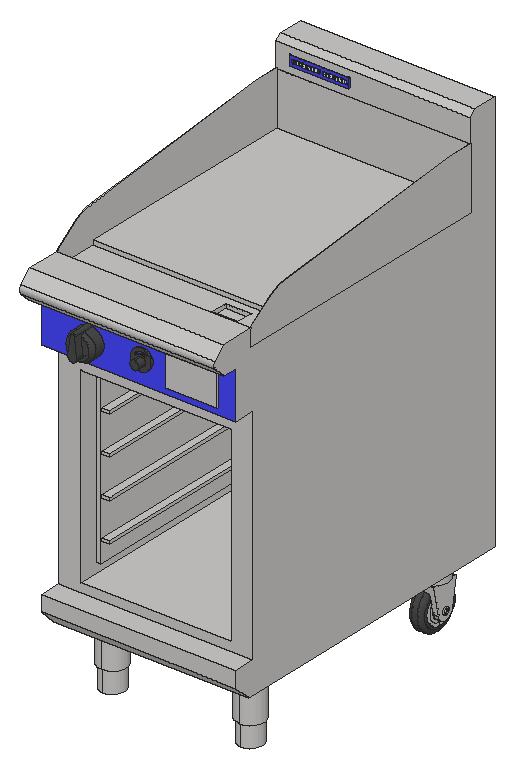
Revit family "QF_MOFFAT_BLUESEAL_CE_GP513-CB", category Specialty Equipment, Revit 2012
Parameters
  Weight in Pounds = 198  # constant formula
  Width [instance] = 450.00 mm
  URL Cutsheet = "www.moffat.com"
  URL = "www.moffat.com"
  Type Mark [instance] = ""
  Status [instance] = ""
  Specification by User [instance] = ""
  Specification by Manufacturer = ""
  Show Logo [instance] = yes
  Show Casters [instance] = yes
  Serial Number = ""
  Seismic Rating = ""
  SMACNA No = ""
  Revision Code [instance] = ""
  Omniclass Number and Title = ""
  NAFEM Spec ID Number = ""
  Model = "GP513-CB"
  Mechanical Remarks = ""
  Mechanical Connection Type = ""
  Masterspec = ""
  Manufacturer = "MOFFAT BLUESEAL"
  Legs [instance] = not(Show Casters)  # no
  Item Number [instance] = ""
  Installed By [instance] = ""
  Identify Quantity as Lot [instance] = yes
  Height = 1085.00 mm  # constant formula
  Gas Size = 3/4"
  Gas RI Height [instance] = 0.00 mm
  Gas KW = 11.1
  Gas Input = 37912.0 Btu/h
  Gas Connection Height = 0.00 mm
  Furnished By [instance] = ""
  Foodservice Equipment Identifier [instance] = yes
  Description = "450MM GAS GRIDDLE PLATE ON CABINET BASE"
  Depth [instance] = 812.00 mm  # constant formula
  CSI MasterFormat = ""
  CSI Master Format = ""
  Back Splash [instance] = 215.00 mm  # constant formula
Reference planes
  plane 1 "BACK": y = 0
  plane 2: z = 0
  plane 3 "LEFT": x = 0
  plane 4 "RIGHT": x = 450
  plane 5 "FRONT": y = -812
  plane 6 "TOP": z = 970
  plane 7 "Center Y": x = 225
  plane 8 "Center X": y = -406
  plane 9 "Base Height": z = 150
  plane 10: z = 915
  plane 11: x = 65
  plane 12: y = -625
  plane 13: y = -100
  plane 14: z = 655
  plane 15: y = -32
  plane 16: z = 1085
  plane 17: x = 385
Forms (mm)
  Extrusion 1, solid, material "QF_Finishes_Stainless Steel"
    sketch origin (0, 0, 0) x (0, 1, 0) y (0, 0, 1)
      loop
        line (-100, 150) -> (0, 150) -> (0, 1085) -> (-57.5, 1085) -> (-70, 1072.5) -> (-70, 875) -> (-705, 875) -> (-705, 915) -> (-783.97, 915) -> (-808.485, 890.485)
        arc (-808.485, 890.485) -> (-811.999, 882) -> (-808.485, 873.515) r 12
        line (-808.485, 873.515) -> (-784.97, 850) -> (-749, 850) -> (-749, 740) -> (-100, 740) -> (-100, 150)
      loop
        line (-749, 186) -> (-713, 150) -> (-699, 150) -> (-699, 222.5) -> (-749, 222.5) -> (-749, 186)
    from 0 to 450
  Revolve 2, solid, material "QF_Finishes_Stainless Steel", visible <- "Legs"
    sketch origin (383.871, -210, 0) x (0, 1, 0) y (0, 0, -1)
      loop
        line (78.25, -150) -> (110, -150) -> (110, 0) -> (82.5, 0) -> (82.5, -50) -> (78.25, -50) -> (78.25, -150)
      axis (110, -150) -> (110, 0)
    angle from 0 to 360
  Revolve 3, solid, material "QF_Finishes_Stainless Steel"
    sketch origin (385, -735, 0) x (0, 1, 0) y (0, 0, -1)
      loop
        line (78.25, -150) -> (110, -150) -> (110, 0) -> (82.5, 0) -> (82.5, -50) -> (78.25, -50) -> (78.25, -150)
      axis (110, -150) -> (110, 0)
    angle from 0 to 360
  Revolve 4, solid, material "QF_Finishes_Stainless Steel", visible <- "Legs"
    sketch origin (65, -210, 0) x (0, 1, 0) y (0, 0, -1)
      loop
        line (78.25, -150) -> (110, -150) -> (110, 0) -> (82.5, 0) -> (82.5, -50) -> (78.25, -50) -> (78.25, -150)
      axis (110, -150) -> (110, 0)
    angle from 0 to 360
  Revolve 5, solid, material "QF_Finishes_Stainless Steel"
    sketch origin (65, -735, 0) x (0, 1, 0) y (0, 0, -1)
      loop
        line (78.25, -150) -> (110, -150) -> (110, 0) -> (82.5, 0) -> (82.5, -50) -> (78.25, -50) -> (78.25, -150)
      axis (110, -150) -> (110, 0)
    angle from 0 to 360
  Revolve 6, solid, material "QF_Finishes_Black"
    sketch origin (118.927, 7, 597.816) x (0, 1, 0) y (0, 0, -1)
      loop
        line (-789, -229.5) -> (-766, -229.5) -> (-766, -202) -> (-756, -202) -> (-756, -197) -> (-800, -197) -> (-800, -223.651) -> (-789, -229.5)
      axis (-800, -197) -> (-756, -197)
    angle from 0 to 360
  Extrusion 7, solid, material "QF_Finishes_Black"
    sketch origin (257.197, 0, 597.973) x (-1, 0, 0) y (0, 0, -1)
      loop
        line (143.2, -228.94) -> (148.689, -184.854)
        arc (148.689, -184.854) -> (137.617, -174.355) -> (127.782, -186.021) r 10.487
        line (127.782, -186.021) -> (133.203, -228.94)
        arc (133.203, -228.94) -> (138.201, -233.827) -> (143.2, -228.94) r 5
    from 759 to 808
  Extrusion 8, solid, material "QF_Finishes_Stainless Steel"
    sketch origin (-150, -699, 685) x (1, 0, 0) y (0, -1, 0)
      loop
        circle (470, -668) r 9.525
    from -55 to 30
  Extrusion 9, solid, material "QF_Finishes_Stainless Steel"
    sketch origin (0, -100, 685) x (0, 0, 1) y (-1, 0, 0)
      loop
        line (-535, 0) -> (-535, -450) -> (55, -450) -> (55, 0) -> (-535, 0)
      loop
        line (0, -50) -> (-442.5, -50) -> (-442.5, -400) -> (0, -400) -> (0, -50)
    from 0 to 599
  Extrusion 10, solid, material "QF_Finishes_Stainless Steel"
    sketch origin (0, -100, 685) x (0, 0, 1) y (-1, 0, 0)
      loop
        line (-280.675, -61.8) -> (-280.675, -80.8) -> (-274.325, -80.8) -> (-274.325, -61.8) -> (-280.675, -61.8)
      loop
        line (-184.325, -80.8) -> (-184.325, -61.8) -> (-190.675, -61.8) -> (-190.675, -80.8) -> (-184.325, -80.8)
      loop
        line (-370.675, -61.8) -> (-370.675, -80.8) -> (-364.325, -80.8) -> (-364.325, -61.8) -> (-370.675, -61.8)
      loop
        line (-94.325, -80.8) -> (-94.325, -61.8) -> (-100.675, -61.8) -> (-100.675, -80.8) -> (-94.325, -80.8)
      loop
        line (-280.675, -388.2) -> (-274.325, -388.2) -> (-274.325, -369.2) -> (-280.675, -369.2) -> (-280.675, -388.2)
      loop
        line (-184.325, -369.2) -> (-190.675, -369.2) -> (-190.675, -388.2) -> (-184.325, -388.2) -> (-184.325, -369.2)
      loop
        line (-370.675, -388.2) -> (-364.325, -388.2) -> (-364.325, -369.2) -> (-370.675, -369.2) -> (-370.675, -388.2)
      loop
        line (-94.325, -369.2) -> (-100.675, -369.2) -> (-100.675, -388.2) -> (-94.325, -388.2) -> (-94.325, -369.2)
    from 0 to 554
  Extrusion 11, void
    sketch origin (-150, 0, 150) x (-1, 0, 0) y (0, -1, 0)
      loop
        line (-535.614, 87.26) -> (-535.614, -30.24) -> (-406.114, -30.24) -> (-406.114, 38.76) -> (-454.614, 87.26) -> (-535.614, 87.26)
    from 72.5 to 590
  Revolve 12, solid, material "QF_Finishes_Stainless Steel", visible <- "Legs"
    sketch origin (65, -165, 0) x (0, 1, 0) y (0, 0, 1)
      loop
        line (34.25, 150) -> (34.25, 50) -> (38.5, 50) -> (38.5, 0) -> (66, 0) -> (66, 150) -> (34.25, 150)
      axis (66, 150) -> (66, 0)
    angle from 0 to 360
  Revolve 13, solid, material "QF_Finishes_Stainless Steel", visible <- "Legs"
    sketch origin (384.871, -165, 0) x (0, 1, 0) y (0, 0, -1)
      loop
        line (34.25, -150) -> (66, -150) -> (66, 0) -> (38.5, 0) -> (38.5, -50) -> (34.25, -50) -> (34.25, -150)
      axis (66, -150) -> (66, 0)
    angle from 0 to 360
  Revolve 14, solid, material "QF_Finishes_Stainless Steel", visible <- "Show Casters"
    sketch origin (15.776, -99.755, -13.653) x (1, 0, 0) y (0, 0, 1)
      loop
        line (14.841, 63.604) -> (83.584, 63.604) -> (83.584, 67.109) -> (82.314, 68.379) -> (80.79, 68.379) -> (80.79, 71.826) -> (68.644, 71.826) -> (68.644, 81.79) -> (65.088, 83.843) -> (63.738, 92.179) -> (65.881, 92.179) -> (65.881, 98.529) -> (65.088, 98.529) -> (65.088, 104.879)
        arc (65.088, 104.879) -> (62.298, 111.614) -> (55.563, 114.404) r 9.525
        line (55.563, 114.404) -> (42.863, 114.404)
        arc (42.863, 114.404) -> (36.127, 111.614) -> (33.338, 104.879) r 9.525
        line (33.338, 104.879) -> (33.338, 98.529) -> (32.544, 98.529) -> (32.544, 92.179) -> (34.687, 92.179) -> (33.352, 83.932) -> (29.782, 81.871) -> (29.782, 71.826) -> (17.635, 71.826) -> (17.635, 68.379) -> (16.111, 68.379) -> (14.841, 67.109) -> (14.841, 63.604)
      axis (14.841, 63.604) -> (83.584, 63.604)
    angle from 0 to 360
  Extrusion 15, solid, material "QF_Finishes_Stainless Steel", visible <- "Show Casters"
    sketch origin (71.501, 133.353, -8.783) x (0, 1, 0) y (0, 0, 1)
      loop
        line (-200.603, 118.783) -> (-264.103, 118.783) -> (-251.746, 53.895)
        arc (-251.746, 53.895) -> (-232.353, 38.783) -> (-212.959, 53.895) r 20
        line (-212.959, 53.895) -> (-200.603, 118.783)
    from -35.667 to 22.923
  Revolve 16, solid, material "QF_Finishes_Stainless Steel", visible <- "Show Casters"
    sketch origin (65, -203, 0) x (0, 1, 0) y (0, 0, 1)
      loop
        line (68.25, 150) -> (68.25, 110) -> (104, 110) -> (104, 150) -> (68.25, 150)
      axis (104, 150) -> (104, 110)
    angle from 0 to 360
  Revolve 17, solid, material "QF_Finishes_Stainless Steel", visible <- "Legs"
    sketch origin (65, -165, 0) x (0, 1, 0) y (0, 0, 1)
      loop
        line (34.25, 150) -> (34.25, 50) -> (38.5, 50) -> (38.5, 0) -> (66, 0) -> (66, 150) -> (34.25, 150)
      axis (66, 150) -> (66, 0)
    angle from 0 to 360
  Revolve 18, solid, material "QF_Finishes_Stainless Steel", visible <- "Show Casters"
    sketch origin (335.648, -99.755, -13.653) x (1, 0, 0) y (0, 0, 1)
      loop
        line (14.841, 63.604) -> (83.584, 63.604) -> (83.584, 67.109) -> (82.314, 68.379) -> (80.79, 68.379) -> (80.79, 71.826) -> (68.644, 71.826) -> (68.644, 81.79) -> (65.088, 83.843) -> (63.738, 92.179) -> (65.881, 92.179) -> (65.881, 98.529) -> (65.088, 98.529) -> (65.088, 104.879)
        arc (65.088, 104.879) -> (62.298, 111.614) -> (55.563, 114.404) r 9.525
        line (55.563, 114.404) -> (42.863, 114.404)
        arc (42.863, 114.404) -> (36.127, 111.614) -> (33.338, 104.879) r 9.525
        line (33.338, 104.879) -> (33.338, 98.529) -> (32.544, 98.529) -> (32.544, 92.179) -> (34.687, 92.179) -> (33.352, 83.932) -> (29.782, 81.871) -> (29.782, 71.826) -> (17.635, 71.826) -> (17.635, 68.379) -> (16.111, 68.379) -> (14.841, 67.109) -> (14.841, 63.604)
      axis (83.584, 63.604) -> (14.841, 63.604)
    angle from 0 to 360
  Extrusion 19, solid, material "QF_Finishes_Stainless Steel", visible <- "Show Casters"
    sketch origin (391.372, 133.353, -8.783) x (0, 1, 0) y (0, 0, 1)
      loop
        line (-200.603, 118.783) -> (-264.103, 118.783) -> (-251.746, 53.895)
        arc (-251.746, 53.895) -> (-232.353, 38.783) -> (-212.959, 53.895) r 20
        line (-212.959, 53.895) -> (-200.603, 118.783)
    from -35.667 to 22.923
  Revolve 20, solid, material "QF_Finishes_Stainless Steel", visible <- "Show Casters"
    sketch origin (384.871, -203, 0) x (0, 1, 0) y (0, 0, 1)
      loop
        line (68.25, 150) -> (68.25, 110) -> (104, 110) -> (104, 150) -> (68.25, 150)
      axis (104, 150) -> (104, 110)
    angle from 0 to 360
  Extrusion 21, solid, material "QF_Finishes_Stainless Steel"
    sketch origin (0, 0, 0) x (1, 0, 0) y (0, 0, 1)
      loop
        line (61.8, 657.5) -> (50, 657.5) -> (50, 267.5) -> (61.8, 267.5) -> (61.8, 657.5)
      loop
        line (388.2, 657.5) -> (388.2, 267.5) -> (400, 267.5) -> (400, 657.5) -> (388.2, 657.5)
    from 0 to 654
  Extrusion 22, solid, material "QF_Finishes_Black"
    sketch origin (-1.25, -749, 864.021) x (0, 0, -1) y (1, 0, 0)
      loop
        circle (70, 235) r 24
      loop
        arc (60.1, 249.913) -> (52.064, 235.125) -> (59.882, 220.219) r 17.868
        arc (59.882, 220.219) -> (60.362, 219.934) -> (60.877, 220.149) r 0.621
        arc (60.877, 220.149) -> (62.314, 222.708) -> (62.658, 225.622) r 7.495
        arc (62.658, 225.622) -> (62.454, 226.55) -> (62.006, 227.388) r 3.472
        arc (62.006, 227.388) -> (59.714, 234.851) -> (61.844, 242.362) r 13.786
        arc (61.844, 242.362) -> (62.484, 243.632) -> (62.749, 245.028) r 5.101
        arc (62.749, 245.028) -> (62.378, 247.547) -> (61.084, 249.739) r 6.611
        arc (61.084, 249.739) -> (60.622, 249.997) -> (60.1, 249.913) r 0.806
    from 0 to 5
  Extrusion 23, solid, material "QF_Finishes_Black"
    sketch origin (-1.25, -754, 864.021) x (0, 0, -1) y (1, 0, 0)
      loop
        circle (73.5, 235) r 10
    from 0 to 18.251
  Extrusion 24, solid, material "QF_Finishes_Stainless Steel"
    sketch origin (450, -749, 867.771) x (0, 0, -1) y (1, 0, 0)
      loop
        line (26.5, -161) -> (113.5, -161) -> (113.5, -42) -> (26.5, -42) -> (26.5, -161)
    from 0 to 2.5
  Extrusion 25, solid, material "QF_Finishes_Stainless Steel"
    sketch origin (450, 0, 1.771) x (0, -1, 0) y (0, 0, 1)
      loop
        line (751.5, 839.5) -> (751.5, 837) -> (769.695, 837) -> (769.695, 839.5) -> (751.5, 839.5)
    from 42 to 161
Cuts and joins
  Extrusion 11 cuts Extrusion 1
  joined: Extrusion 1, Extrusion 9
Lines and regions (mm)
  Split face 1
    outline origin (450, 0, 1085) x (-1, 0, 0) y (0, -1, 0)
      loop
        arc (406, 18.385) -> (414.66, 23.385) -> (414.66, 33.385) r 10
        line (414.66, 33.385) -> (410.619, 40.385)
        arc (410.619, 40.385) -> (406.959, 44.045) -> (401.959, 45.385) r 10
        line (401.959, 45.385) -> (45.34, 45.385)
        arc (45.34, 45.385) -> (36.679, 40.385) -> (36.679, 30.385) r 10
        line (36.679, 30.385) -> (40.721, 23.385)
        arc (40.721, 23.385) -> (44.381, 19.725) -> (49.381, 18.385) r 10
        line (49.381, 18.385) -> (406, 18.385)
  symbolic lines
    curve 1: line (0, 0, 0) -> (0, -812, 0)
    curve 2: line (450, 0, 0) -> (0, 0, 0)
    curve 3: line (450, -812, 0) -> (450, 0, 0)
    curve 4: line (0, -812, 0) -> (450, -812, 0)
    curve 9: line (0, -57.5, 150) -> (450, -57.5, 150)
    curve 10: line (0, -70, 150) -> (450, -70, 150)
    curve 11: line (0, -783.97, 150) -> (450, -783.97, 150)
    curve 12: line (400.619, -18.385, 150) -> (44, -18.385, 150)
    curve 13: arc (44, -18.385, 150) -> (35.34, -23.385, 150) -> (35.34, -33.385, 150) r 10
    curve 14: line (35.34, -33.385, 150) -> (39.381, -40.385, 150)
    curve 15: arc (39.381, -40.385, 150) -> (43.041, -44.045, 150) -> (48.041, -45.385, 150) r 10
    curve 16: line (48.041, -45.385, 150) -> (404.66, -45.385, 150)
    curve 17: arc (404.66, -45.385, 150) -> (413.321, -40.385, 150) -> (413.321, -30.385, 150) r 10
    curve 18: line (413.321, -30.385, 150) -> (409.279, -23.385, 150)
    curve 19: arc (409.279, -23.385, 150) -> (405.619, -19.725, 150) -> (400.619, -18.385, 150) r 10
  symbolic lines, style "SpecialityEquipmentHiddenLines", visible <- "Show Casters"
    curve 5: line (78.456, -46.735, 0) -> (105.952, -62.61, 0)
    curve 6: line (27.656, -134.723, 0) -> (78.456, -46.735, 0)
    curve 7: line (55.152, -150.598, 0) -> (27.656, -134.723, 0)
    curve 8: line (105.952, -62.61, 0) -> (55.152, -150.598, 0)
Dimensions and locks
  equal spacing: plane 3 "LEFT", plane 7 "Center Y", plane 4 "RIGHT"
  "Width": plane 3 "LEFT" to plane 4 "RIGHT"
  equal spacing: plane 5 "FRONT", plane 8 "Center X", plane 1 "BACK"
  "Depth": plane 5 "FRONT" to plane 1 "BACK"
  locked: plane 10 to level at 915
  locked: plane 9 "Base Height" to level at 150
  plane 6 "TOP" to plane 10 = 55.00 mm
  plane 12 to plane 13 = 525.00 mm
  plane 14 to level = 655.00 mm
  plane 15 to plane 1 "BACK" = 32.00 mm
  "Height": plane 16 to plane 2
  Revolve 14 sketch curve to Revolve 14 sketch curve = 50.80 mm
  Revolve 18 sketch curve to Revolve 18 sketch curve = 50.80 mm
  Extrusion 8 sketch curve to plane 1 "BACK" = 31.00 mm
  aligned and locked: level to plane 2
Automatic sketch dimensions
  Extrusion 1 sketch curve to plane 10 = 0.00 mm
  Extrusion 1 sketch curve to plane 9 "Base Height" = 0.00 mm  (x2)
  Extrusion 1 sketch curve to plane 13 = 0.00 mm
  Extrusion 1 sketch curve to plane 16 = 0.00 mm
  Extrusion 1 sketch curve to plane 1 "BACK" = 0.00 mm
  Extrusion 1 sketch curve to plane 12 = 74.00 mm
  Extrusion 1 sketch curve to plane 10 = 40.00 mm
  Extrusion 1 sketch curve to plane 12 = 80.00 mm
  Extrusion 1 sketch curve to Extrusion 1 sketch curve = 14.00 mm
  Extrusion 1 sketch curve to Extrusion 1 sketch curve = 36.00 mm
  Extrusion 1 sketch curve to plane 5 "FRONT" = 63.00 mm
  Extrusion 1 sketch curve to plane 5 "FRONT" = 28.03 mm
  Extrusion 1 sketch curve to plane 5 "FRONT" = 27.03 mm
  Extrusion 1 sketch curve to plane 5 "FRONT" = 12.001 mm
  Extrusion 1 sketch curve to plane 5 "FRONT" = 3.515 mm  (x2)
  plane 13 to Extrusion 1 sketch curve = 30.00 mm
  Extrusion 1 sketch curve to Extrusion 1 sketch curve = 12.50 mm
  plane 9 "Base Height" to Extrusion 1 sketch curve = 36.00 mm
  Extrusion 1 sketch curve to Extrusion 1 sketch curve = 36.50 mm
  plane 14 to Extrusion 1 sketch curve = 85.00 mm
  Extrusion 1 sketch curve to Extrusion 1 sketch curve = 25.00 mm
  Extrusion 1 sketch curve to Extrusion 1 sketch curve = 23.515 mm
  Extrusion 1 sketch curve to Extrusion 1 sketch curve = 8.485 mm
  Extrusion 1 sketch curve to plane 16 = 12.50 mm
  Revolve 2 sketch curve to plane 9 "Base Height" = 0.00 mm
  Revolve 2 sketch curve to level = 0.00 mm
  Revolve 2 sketch curve to plane 13 = 0.00 mm  (x2)
  Revolve 2 sketch curve to plane 13 = 27.50 mm
  Revolve 2 sketch curve to plane 13 = 31.75 mm
  level to Revolve 2 sketch curve = 50.00 mm
  Revolve 2 sketch curve to Revolve 2 sketch curve = 0.00 mm
  Revolve 2 sketch curve to Revolve 2 sketch curve = 55.00 mm
  Revolve 3 sketch curve to plane 9 "Base Height" = 0.00 mm
  Revolve 3 sketch curve to level = 0.00 mm
  Revolve 3 sketch curve to plane 12 = 0.00 mm  (x2)
  Revolve 3 sketch curve to plane 12 = 27.50 mm
  Revolve 3 sketch curve to plane 12 = 31.75 mm
  level to Revolve 3 sketch curve = 50.00 mm
  Revolve 3 sketch curve to Revolve 3 sketch curve = 0.00 mm
  Revolve 3 sketch curve to Revolve 3 sketch curve = 55.00 mm
  Revolve 4 sketch curve to plane 9 "Base Height" = 0.00 mm
  Revolve 4 sketch curve to level = 0.00 mm
  Revolve 4 sketch curve to plane 13 = 0.00 mm  (x2)
  Revolve 4 sketch curve to plane 13 = 27.50 mm
  Revolve 4 sketch curve to plane 13 = 31.75 mm
  level to Revolve 4 sketch curve = 50.00 mm
  Revolve 4 sketch curve to Revolve 4 sketch curve = 0.00 mm
  Revolve 4 sketch curve to Revolve 4 sketch curve = 55.00 mm
  Revolve 5 sketch curve to plane 9 "Base Height" = 0.00 mm
  Revolve 5 sketch curve to level = 0.00 mm
  Revolve 5 sketch curve to plane 12 = 0.00 mm  (x2)
  Revolve 5 sketch curve to plane 12 = 27.50 mm
  Revolve 5 sketch curve to plane 12 = 31.75 mm
  level to Revolve 5 sketch curve = 50.00 mm
  Revolve 5 sketch curve to Revolve 5 sketch curve = 0.00 mm
  Revolve 5 sketch curve to Revolve 5 sketch curve = 55.00 mm
  Revolve 6 sketch curve to plane 5 "FRONT" = 19.00 mm
  Revolve 6 sketch curve to Revolve 6 sketch curve = 0.00 mm  (x2)
  Revolve 6 sketch curve to Revolve 6 sketch curve = 11.00 mm
  Revolve 6 sketch curve to Revolve 6 sketch curve = 12.70 mm
  Revolve 6 sketch curve to Revolve 6 sketch curve = 23.00 mm
  Revolve 6 sketch curve to Revolve 6 sketch curve = 10.00 mm
  Revolve 6 sketch curve to plane 10 = 87.684 mm
  Revolve 6 sketch curve to Revolve 6 sketch curve = 5.849 mm
  Revolve 6 sketch curve to Revolve 6 sketch curve = 27.50 mm
  Revolve 6 sketch curve to Revolve 6 sketch curve = 5.00 mm
  plane 11 to Extrusion 7 sketch curve = 64.415 mm
  Extrusion 7 sketch curve to Extrusion 7 sketch curve = 5.421 mm
  Extrusion 7 sketch curve to Extrusion 7 sketch curve = 4.999 mm  (x2)
  Extrusion 7 sketch curve to Extrusion 7 sketch curve = 10.419 mm
  Extrusion 7 sketch curve to Extrusion 7 sketch curve = 10.487 mm
  Extrusion 7 sketch curve to plane 10 = 88.087 mm
  Extrusion 7 sketch curve to Extrusion 7 sketch curve = 0.113 mm
  Extrusion 7 sketch curve to Extrusion 7 sketch curve = 42.919 mm
  Extrusion 7 sketch curve to Extrusion 7 sketch curve = 1.167 mm
  Extrusion 11 sketch curve to plane 15 = 6.76 mm
  Extrusion 11 sketch curve to plane 1 "BACK" = 30.24 mm
  plane 13 to Extrusion 11 sketch curve = 12.74 mm
  Revolve 12 sketch curve to plane 9 "Base Height" = 0.00 mm
  Revolve 12 sketch curve to level = 0.00 mm
  Revolve 12 sketch curve to plane 13 = 30.75 mm
  Revolve 12 sketch curve to plane 13 = 26.50 mm
  plane 13 to Revolve 12 sketch curve = 1.00 mm  (x2)
  Revolve 12 sketch curve to Revolve 12 sketch curve = 55.00 mm
  level to Revolve 12 sketch curve = 50.00 mm
  Revolve 12 sketch curve to Revolve 12 sketch curve = 0.00 mm
  Revolve 13 sketch curve to plane 9 "Base Height" = 0.00 mm
  Revolve 13 sketch curve to level = 0.00 mm
  Revolve 13 sketch curve to plane 13 = 30.75 mm
  Revolve 13 sketch curve to plane 13 = 26.50 mm
  plane 13 to Revolve 13 sketch curve = 1.00 mm  (x2)
  level to Revolve 13 sketch curve = 50.00 mm
  Revolve 13 sketch curve to Revolve 13 sketch curve = 0.00 mm
  Revolve 13 sketch curve to Revolve 13 sketch curve = 55.00 mm
  plane 3 "LEFT" to Revolve 14 sketch curve = 30.618 mm
  Revolve 14 sketch curve to Revolve 14 sketch curve = 1.27 mm  (x4)
  Revolve 14 sketch curve to Revolve 14 sketch curve = 1.524 mm  (x2)
  Revolve 14 sketch curve to Revolve 14 sketch curve = 12.146 mm  (x2)
  Revolve 14 sketch curve to plane 11 = 16.68 mm
  Revolve 14 sketch curve to Revolve 14 sketch curve = 0.794 mm  (x2)
  Revolve 14 sketch curve to Revolve 14 sketch curve = 3.57 mm
  Revolve 14 sketch curve to Revolve 14 sketch curve = 2.143 mm
  Revolve 14 sketch curve to plane 11 = 6.361 mm
  plane 11 to Revolve 14 sketch curve = 5.13 mm
  plane 11 to Revolve 14 sketch curve = 6.339 mm
  plane 11 to Revolve 14 sketch curve = 14.515 mm
  Revolve 14 sketch curve to Revolve 14 sketch curve = 1.349 mm  (x2)
  Revolve 14 sketch curve to Revolve 14 sketch curve = 3.556 mm
  Revolve 14 sketch curve to Revolve 14 sketch curve = 33.32 mm
  level to Revolve 14 sketch curve = 49.952 mm
  Revolve 14 sketch curve to Revolve 14 sketch curve = 0.00 mm
  Revolve 14 sketch curve to Revolve 14 sketch curve = 3.505 mm  (x2)
  Revolve 14 sketch curve to Revolve 14 sketch curve = 3.447 mm  (x2)
  Revolve 14 sketch curve to Revolve 14 sketch curve = 9.964 mm
  Revolve 14 sketch curve to Revolve 14 sketch curve = 10.045 mm
  Revolve 14 sketch curve to Revolve 14 sketch curve = 2.053 mm
  Revolve 14 sketch curve to Revolve 14 sketch curve = 2.061 mm
  Revolve 14 sketch curve to Revolve 14 sketch curve = 8.247 mm
  Revolve 14 sketch curve to Revolve 14 sketch curve = 8.336 mm
  Revolve 14 sketch curve to Revolve 14 sketch curve = 6.35 mm  (x2)
  Extrusion 15 sketch curve to plane 13 = 30.75 mm
  Extrusion 15 sketch curve to plane 13 = 18.393 mm
  plane 13 to Extrusion 15 sketch curve = 1.00 mm
  Extrusion 15 sketch curve to Extrusion 15 sketch curve = 19.393 mm
  plane 13 to Extrusion 15 sketch curve = 32.75 mm
  level to Extrusion 15 sketch curve = 45.111 mm
  Extrusion 15 sketch curve to Extrusion 15 sketch curve = 4.889 mm
  Extrusion 15 sketch curve to plane 9 "Base Height" = 40.00 mm
  Revolve 16 sketch curve to plane 9 "Base Height" = 0.00 mm
  Revolve 16 sketch curve to plane 13 = 34.75 mm
  plane 13 to Revolve 16 sketch curve = 1.00 mm  (x2)
  Revolve 16 sketch curve to plane 9 "Base Height" = 40.00 mm
  level to Revolve 16 sketch curve = 50.00 mm
  Revolve 16 sketch curve to level = 55.00 mm
  Revolve 17 sketch curve to plane 9 "Base Height" = 0.00 mm
  Revolve 17 sketch curve to level = 0.00 mm
  Revolve 17 sketch curve to plane 13 = 30.75 mm
  Revolve 17 sketch curve to plane 13 = 26.50 mm
  plane 13 to Revolve 17 sketch curve = 1.00 mm  (x2)
  Revolve 17 sketch curve to Revolve 17 sketch curve = 55.00 mm
  level to Revolve 17 sketch curve = 50.00 mm
  Revolve 17 sketch curve to Revolve 17 sketch curve = 0.00 mm
  Revolve 18 sketch curve to Revolve 18 sketch curve = 1.27 mm  (x4)
  Revolve 18 sketch curve to Revolve 18 sketch curve = 1.524 mm  (x2)
  Revolve 18 sketch curve to Revolve 18 sketch curve = 12.146 mm  (x2)
  Revolve 18 sketch curve to Revolve 18 sketch curve = 0.794 mm  (x2)
  Revolve 18 sketch curve to Revolve 18 sketch curve = 3.57 mm
  Revolve 18 sketch curve to Revolve 18 sketch curve = 2.143 mm
  Revolve 18 sketch curve to Revolve 18 sketch curve = 8.176 mm
  Revolve 18 sketch curve to Revolve 18 sketch curve = 1.349 mm  (x2)
  Revolve 18 sketch curve to Revolve 18 sketch curve = 3.556 mm
  plane 4 "RIGHT" to Revolve 18 sketch curve = 147.449 mm
  level to Revolve 18 sketch curve = 49.952 mm
  Revolve 18 sketch curve to Revolve 18 sketch curve = 0.00 mm
  Revolve 18 sketch curve to Revolve 18 sketch curve = 3.505 mm  (x2)
  Revolve 18 sketch curve to Revolve 18 sketch curve = 3.447 mm  (x2)
  Revolve 18 sketch curve to Revolve 18 sketch curve = 9.964 mm
  Revolve 18 sketch curve to Revolve 18 sketch curve = 10.045 mm
  Revolve 18 sketch curve to Revolve 18 sketch curve = 2.053 mm
  Revolve 18 sketch curve to Revolve 18 sketch curve = 2.061 mm
  Revolve 18 sketch curve to Revolve 18 sketch curve = 8.247 mm
  Revolve 18 sketch curve to Revolve 18 sketch curve = 8.336 mm
  Revolve 18 sketch curve to Revolve 18 sketch curve = 6.35 mm  (x2)
  Extrusion 19 sketch curve to plane 13 = 30.75 mm
  Extrusion 19 sketch curve to plane 13 = 18.393 mm
  plane 13 to Extrusion 19 sketch curve = 1.00 mm
  Extrusion 19 sketch curve to Extrusion 19 sketch curve = 19.393 mm
  plane 13 to Extrusion 19 sketch curve = 32.75 mm
  level to Extrusion 19 sketch curve = 45.111 mm
  Extrusion 19 sketch curve to Extrusion 19 sketch curve = 4.889 mm
  Extrusion 19 sketch curve to plane 9 "Base Height" = 40.00 mm
  Revolve 20 sketch curve to plane 9 "Base Height" = 0.00 mm
  Revolve 20 sketch curve to plane 13 = 34.75 mm
  plane 13 to Revolve 20 sketch curve = 1.00 mm  (x2)
  Revolve 20 sketch curve to plane 9 "Base Height" = 40.00 mm
  level to Revolve 20 sketch curve = 50.00 mm
  Revolve 20 sketch curve to level = 55.00 mm
  Split face 1 sketch curve to cut or joined group of Extrusion 1, Extrusion 9, Extrusion 11 = 27.115 mm
  Split face 1 sketch curve to cut or joined group of Extrusion 1, Extrusion 9, Extrusion 11 = 413.321 mm
  Split face 1 sketch curve to Split face 1 sketch curve = 4.041 mm  (x4)
  Split face 1 sketch curve to Split face 1 sketch curve = 8.66 mm  (x2)
  Split face 1 sketch curve to cut or joined group of Extrusion 1, Extrusion 9, Extrusion 11 = 12.115 mm
  Split face 1 sketch curve to cut or joined group of Extrusion 1, Extrusion 9, Extrusion 11 = 48.041 mm
  Split face 1 sketch curve to Split face 1 sketch curve = 7.00 mm  (x3)
  Split face 1 sketch curve to Split face 1 sketch curve = 17.00 mm
  curve 9 to plane 4 "RIGHT" = 0.00 mm
  curve 10 to plane 4 "RIGHT" = 0.00 mm
  curve 11 to plane 4 "RIGHT" = 0.00 mm
  curve 10 to plane 3 "LEFT" = 0.00 mm
  curve 9 to plane 3 "LEFT" = 0.00 mm
  curve 11 to plane 3 "LEFT" = 0.00 mm
  plane 15 to curve 18 = 1.615 mm
  plane 7 "Center Y" to curve 18 = 188.321 mm
  plane 15 to curve 18 = 8.615 mm
  curve 18 to curve 18 = 4.041 mm
  curve 17 to plane 15 = 3.385 mm
  curve 18 to curve 17 = 8.66 mm
  curve 18 to curve 12 = 8.66 mm
  curve 15 to plane 15 = 3.385 mm
  curve 15 to plane 11 = 16.959 mm
  curve 15 to curve 13 = 4.041 mm
  curve 15 to plane 15 = 8.385 mm
  curve 14 to plane 15 = 1.385 mm
  curve 14 to curve 14 = 4.041 mm
  curve 12 to curve 18 = 5.00 mm
  curve 9 to plane 15 = 25.50 mm
  curve 9 to curve 10 = 12.50 mm
  curve 11 to plane 5 "FRONT" = 28.03 mm
  Revolve 18 sketch curve to Revolve 18 sketch curve = 0.808 mm
  Revolve 18 sketch curve to Revolve 18 sketch curve = 9.525 mm
  Revolve 18 sketch curve to Revolve 18 sketch curve = 24.572 mm
  Revolve 18 sketch curve to Revolve 18 sketch curve = 12.70 mm
  curve 1 to plane 3 "LEFT" = 0.00 mm
  plane 1 "BACK" to curve 2 = 0.00 mm
  curve 2 to plane 4 "RIGHT" = 0.00 mm
  plane 5 "FRONT" to curve 1 = 0.00 mm
  plane 3 "LEFT" to curve 6 = 27.656 mm
  curve 7 to plane 11 = 9.848 mm
  plane 11 to curve 6 = 13.456 mm
  curve 8 to plane 13 = 50.598 mm
  curve 7 to curve 6 = 15.875 mm
  plane 4 "RIGHT" to Extrusion 8 sketch curve = 130.00 mm
  plane 4 "RIGHT" to Extrusion 11 sketch curve = 64.386 mm
  plane 7 "Center Y" to Extrusion 11 sketch curve = 79.614 mm
  plane 7 "Center Y" to Extrusion 11 sketch curve = 31.114 mm
  Revolve 18 sketch curve to Revolve 18 sketch curve = 47.937 mm
  Extrusion 1 to Extrusion 9 sketch curve = 0.00 mm
  Extrusion 9 sketch curve to Extrusion 1 = 0.00 mm  (x3)
  Extrusion 1 to Extrusion 9 sketch curve = 92.50 mm
  Extrusion 1 to Extrusion 9 sketch curve = 55.00 mm
  Extrusion 1 to Extrusion 9 sketch curve = 50.00 mm  (x2)
  plane 14 to Extrusion 21 sketch curve = 2.50 mm  (x2)
  Extrusion 21 sketch curve to plane 11 = 15.00 mm
  Extrusion 21 sketch curve to plane 11 = 3.20 mm
  Extrusion 21 sketch curve to plane 17 = 3.20 mm
  Extrusion 21 sketch curve to Extrusion 21 sketch curve = 11.80 mm
  plane 9 "Base Height" to Extrusion 21 sketch curve = 117.50 mm  (x2)
  Extrusion 1 to Extrusion 10 sketch curve = 61.80 mm  (x5)
  Extrusion 1 to Extrusion 10 sketch curve = 164.325 mm  (x2)
  Extrusion 10 sketch curve to Extrusion 10 sketch curve = 6.35 mm  (x8)
  Extrusion 10 sketch curve to Extrusion 10 sketch curve = 83.65 mm  (x6)
  Extrusion 10 sketch curve to Extrusion 10 sketch curve = 19.00 mm  (x8)
  Extrusion 1 to Extrusion 10 sketch curve = 80.80 mm
  Extrusion 10 sketch curve to Extrusion 10 sketch curve = 0.00 mm  (x2)
  Extrusion 22 sketch curve to plane 7 "Center Y" = 1.223 mm
  Extrusion 22 sketch curve to plane 10 = 106.166 mm
  Extrusion 22 sketch curve to Extrusion 22 sketch curve = 0.958 mm
  Extrusion 22 sketch curve to Extrusion 22 sketch curve = 1.509 mm
  Extrusion 22 sketch curve to Extrusion 22 sketch curve = 4.01 mm
  Extrusion 22 sketch curve to Extrusion 22 sketch curve = 0.685 mm
  Extrusion 22 sketch curve to Extrusion 22 sketch curve = 2.447 mm
  Extrusion 22 sketch curve to Extrusion 22 sketch curve = 0.524 mm
  Extrusion 22 sketch curve to Extrusion 22 sketch curve = 0.381 mm
  Extrusion 22 sketch curve to Extrusion 22 sketch curve = 0.472 mm
  Extrusion 22 sketch curve to Extrusion 22 sketch curve = 0.00 mm  (x4)
  Extrusion 22 sketch curve to Extrusion 22 sketch curve = 0.602 mm
  Extrusion 22 sketch curve to Extrusion 22 sketch curve = 4.19 mm
  plane 7 "Center Y" to Extrusion 22 sketch curve = 1.138 mm
  Extrusion 22 sketch curve to Extrusion 22 sketch curve = 2.809 mm
  Extrusion 22 sketch curve to plane 7 "Center Y" = 0.628 mm
  Extrusion 22 sketch curve to Extrusion 22 sketch curve = 0.652 mm
  Extrusion 22 sketch curve to Extrusion 22 sketch curve = 0.905 mm
  Extrusion 22 sketch curve to Extrusion 22 sketch curve = 8.087 mm
  Extrusion 22 sketch curve to Extrusion 22 sketch curve = 0.069 mm
  Extrusion 22 sketch curve to Extrusion 22 sketch curve = 3.50 mm
  plane 7 "Center Y" to Extrusion 22 sketch curve = 8.743 mm
  Extrusion 22 sketch curve to Extrusion 22 sketch curve = 0.007 mm
  Extrusion 24 sketch curve to plane 17 = 23.00 mm
  Extrusion 24 sketch curve to plane 10 = 73.729 mm
  Extrusion 24 sketch curve to Extrusion 24 sketch curve = 87.00 mm
  plane 7 "Center Y" to Extrusion 24 sketch curve = 64.00 mm
  Extrusion 25 sketch curve to plane 5 "FRONT" = 60.50 mm
  Extrusion 25 sketch curve to Extrusion 25 sketch curve = 18.195 mm
  Extrusion 25 sketch curve to plane 10 = 76.229 mm
  Extrusion 25 sketch curve to Extrusion 25 sketch curve = 2.50 mm
  radius of Extrusion 8 sketch curve = 9.525 mm
  radius of Extrusion 22 sketch curve = 24.00 mm
  radius of Extrusion 23 sketch curve to Extrusion 22 = 3.786 mm
Nested families
  nested 1: "WALDORF LOGO_FACE BASE" at (32, -70, 1056.885) x (1, 0, 0) z (0, -1, 0), visible <- "Show Logo", type "WALDORF LOGO_FACE BASE", detail levels medium+fine
    with Show Logo yes
  nested 2: "GAS GRIDDLE PLATE 450" at (0, -70, 874.5), type "GAS GRIDDLE PLATE 450"
    with Width 450.00 mm, Type Mark "", Status "", Specification by User "", Show Clearance yes, Revision Code "", Number of Poles 1, Mechanical Remarks "", Mechanical Connection Type "", Item Number "", Installed By "", Identify Quantity as Lot yes, Gas RI Height 0.00 mm, Gas KW 0, Gas Input 0.0 Btu/h, Furnished By "", Foodservice Equipment Identifier yes, Electrical Remarks "", Electric Connection Type "", Elec Conn RI Height 0.00 mm, Elec Conn Connection Height 0.00 mm, Depth 635.00 mm
Connectors
  piping at (320, -31, 655)
    settings: on Extrusion 8, index 1, connector radius 0.3752", flow factor 0, pipe flow 0 GPM, pressure drop 0.00 psi, fitting loss kfactor 0, connector angle 0.00°, fixture units 0, engagement length 0.00 mm, flow configuration 1, flow direction 1, fitting loss method 0, system type 7, joint type 0, gender type 0, connector reference index -1, connector utility 0, adjustable connector no, is connector primary yes, fitting loss table "", connector description "GAS CONNECTION"
Definition of nested family "WALDORF LOGO_FACE BASE"
  Parameters (values of type "WALDORF LOGO_FACE BASE")
    Show Logo [instance] = yes
    Default Elevation = 1219.20 mm
  Reference planes
    plane 1 "Center (Front/Back)": y = 0
    plane 2: z = 0
    plane 3 "Center (Left/Right)": x = 0
  Forms (mm)
    Extrusion 1, solid
      sketch origin (0, 0, 0) x (1, 0, 0) y (0, 1, 0)
        loop
          line (-1219.2, 1219.2) -> (-1219.2, -1219.2) -> (1219.2, -1219.2) -> (1219.2, 1219.2) -> (-1219.2, 1219.2)
      from 0 to -304.8
    Extrusion 2, solid, material "QF_Finishes_Blue", visible <- "Show Logo"
      sketch origin (0, -33.217, 0) x (1, 0, 0) y (0, 1, 0)
        loop
          arc (138, 31.942) -> (137.626, 32.844) -> (136.724, 33.217) r 1.276
          line (136.724, 33.217) -> (1.29, 33.217)
          arc (1.29, 33.217) -> (0.378, 32.839) -> (0, 31.927) r 1.29
          line (0, 31.927) -> (0, 11.507)
          arc (0, 11.507) -> (0.378, 10.595) -> (1.29, 10.217) r 1.29
          line (1.29, 10.217) -> (136.71, 10.217)
          arc (136.71, 10.217) -> (137.622, 10.595) -> (138, 11.507) r 1.29
          line (138, 11.507) -> (138, 31.942)
      from 0 to 1.588
    Extrusion 3, solid, material "QF_Finishes_White", visible <- "Show Logo"
      sketch origin (0, -33.217, 1.588) x (1, 0, 0) y (0, 1, 0)
        loop
          arc (108.946, 25.919) -> (107.613, 25.367) -> (107.061, 24.034) r 1.885
          line (107.061, 24.034) -> (107.061, 17.211) -> (112.704, 17.211) -> (112.704, 19.129) -> (115.546, 19.129) -> (115.546, 17.211) -> (121.584, 17.211) -> (121.584, 24.075)
          arc (121.584, 24.075) -> (121.043, 25.379) -> (119.739, 25.919) r 1.845
          line (119.739, 25.919) -> (108.946, 25.919)
        loop
          line (123.478, 25.919) -> (123.478, 17.163) -> (134.904, 17.163) -> (134.904, 19.129) -> (129.246, 19.129) -> (129.246, 25.919) -> (123.478, 25.919)
        loop
          line (112.704, 21.258) -> (115.546, 21.258) -> (115.546, 22.702)
          arc (115.546, 22.702) -> (115.344, 23.188) -> (114.858, 23.389) r 0.687
          line (114.858, 23.389) -> (113.363, 23.389)
          arc (113.363, 23.389) -> (112.897, 23.196) -> (112.704, 22.73) r 0.658
          line (112.704, 22.73) -> (112.704, 21.258)
        loop
          line (105.071, 25.919) -> (93.771, 25.919) -> (93.771, 17.163) -> (105.071, 17.163) -> (105.071, 19.063) -> (99.535, 19.063) -> (99.535, 20.437) -> (105.071, 20.437) -> (105.071, 22.278) -> (99.535, 22.278) -> (99.535, 23.587) -> (105.071, 23.587) -> (105.071, 25.919)
        loop
          line (91.104, 25.919) -> (79.541, 25.919)
          arc (79.541, 25.919) -> (78.558, 25.513) -> (78.152, 24.53) r 1.389
          line (78.152, 24.53) -> (78.152, 22.08)
          arc (78.152, 22.08) -> (78.558, 21.098) -> (79.541, 20.691) r 1.389
          line (79.541, 20.691) -> (86.346, 20.691) -> (86.346, 18.864) -> (83.266, 18.864) -> (83.266, 19.664) -> (78.152, 19.664) -> (78.152, 18.553)
          arc (78.152, 18.553) -> (78.558, 17.57) -> (79.541, 17.163) r 1.389
          line (79.541, 17.163) -> (91.063, 17.163)
          arc (91.063, 17.163) -> (92.045, 17.57) -> (92.452, 18.553) r 1.389
          line (92.452, 18.553) -> (92.452, 20.691)
          arc (92.452, 20.691) -> (92.045, 21.673) -> (91.063, 22.08) r 1.389
          line (91.063, 22.08) -> (83.266, 22.08) -> (83.266, 23.984) -> (86.346, 23.984) -> (86.346, 22.743) -> (92.452, 22.743) -> (92.452, 24.571)
          arc (92.452, 24.571) -> (92.057, 25.524) -> (91.104, 25.919) r 1.348
        loop
          line (70.705, 25.919) -> (59.405, 25.919) -> (59.405, 17.163) -> (70.705, 17.163) -> (70.705, 19.063) -> (65.169, 19.063) -> (65.169, 20.437) -> (70.705, 20.437) -> (70.705, 22.278) -> (65.169, 22.278) -> (65.169, 23.587) -> (70.705, 23.587) -> (70.705, 25.919)
        loop
          line (57.598, 25.919) -> (51.7, 25.919) -> (51.7, 20.18)
          arc (51.7, 20.18) -> (50.63, 19.11) -> (49.56, 20.18) r 1.07
          line (49.56, 20.18) -> (49.56, 25.919) -> (43.663, 25.919) -> (43.663, 19.049)
          arc (43.663, 19.049) -> (44.215, 17.716) -> (45.548, 17.163) r 1.885
          line (45.548, 17.163) -> (55.71, 17.163)
          arc (55.71, 17.163) -> (57.045, 17.716) -> (57.598, 19.051) r 1.887
          line (57.598, 19.051) -> (57.598, 25.919)
        loop
          line (31.62, 25.919) -> (31.62, 17.163) -> (43.046, 17.163) -> (43.046, 19.129) -> (37.388, 19.129) -> (37.388, 25.919) -> (31.62, 25.919)
        loop
          line (15.969, 25.919) -> (15.969, 17.163) -> (28.693, 17.163)
          arc (28.693, 17.163) -> (29.812, 17.627) -> (30.276, 18.746) r 1.582
          line (30.276, 18.746) -> (30.276, 20.447) -> (29.48, 21.243) -> (30.276, 22.039) -> (30.276, 24.332)
          arc (30.276, 24.332) -> (29.811, 25.454) -> (28.688, 25.919) r 1.587
          line (28.688, 25.919) -> (15.969, 25.919)
        loop
          line (21.449, 24.159) -> (21.449, 22.436) -> (23.862, 22.436)
          arc (23.862, 22.436) -> (24.723, 23.298) -> (23.862, 24.159) r 0.861
          line (23.862, 24.159) -> (21.449, 24.159)
        loop
          line (21.449, 20.244) -> (21.449, 18.522) -> (23.862, 18.522)
          arc (23.862, 18.522) -> (24.723, 19.383) -> (23.862, 20.244) r 0.861
          line (23.862, 20.244) -> (21.449, 20.244)
      from 0 to 0.2
    Extrusion 4, solid, material "QF_Finishes_Blue", visible <- "Show Logo"
      sketch origin (-126.498, -31.09, 1.588) x (1, 0, 0) y (0, 1, 0)
        loop
          line (136.738, 23.522) -> (136.738, 15.1)
          arc (136.738, 15.1) -> (140.756, 19.311) -> (136.738, 23.522) r 4.216
      from 0 to 0.2
    Extrusion 5, solid, material "QF_Finishes_Red", visible <- "Show Logo"
      sketch origin (146.849, -31.09, 1.588) x (-1, 0, 0) y (0, -1, 0)
        loop
          arc (136.738, -23.522) -> (140.756, -19.311) -> (136.738, -15.1) r 4.216
          line (136.738, -15.1) -> (136.738, -23.522)
      from 0 to 0.2
  Lines and regions (mm)
    Split face 1
      outline origin (-90.35, -30.793, 1.588) x (1, 0, 0) y (0, 1, 0)
        loop
          circle (100.54, 19.013) r 4.536
  Dimensions and locks
    aligned and locked: plane 2 to Extrusion 1
    aligned and locked: level to Extrusion 1
Definition of nested family "GAS GRIDDLE PLATE 450"
  Parameters (values of type "GAS GRIDDLE PLATE 450")
    Width [instance] = 450.00 mm
    Weight in Pounds = 0
    Watts = 0 W
    Volts = 0 V
    URL Cutsheet = ""
    Type Mark [instance] = ""
    Status [instance] = ""
    Specification by User [instance] = ""
    Specification by Manufacturer = ""
    Show Clearance [instance] = yes
    Serial Number = ""
    Seismic Rating = ""
    SMACNA No = ""
    Revision Code [instance] = ""
    Phase = 1
    Omniclass Number and Title = ""
    Number of Poles [instance] = 1
    NAFEM Spec ID Number = ""
    Min Ckt Ampacity = 0 A
    Mechanical Remarks [instance] = ""
    Mechanical Connection Type [instance] = ""
    Max Overcurrent Protection = 0 A
    Masterspec = ""
    Item Number [instance] = ""
    Installed By [instance] = ""
    Identify Quantity as Lot [instance] = yes
    HP = ""
    Gas Size = 0"
    Gas RI Height [instance] = 0.00 mm
    Gas KW [instance] = 0
    Gas Input [instance] = 0.0 Btu/h
    Gas Connection Height = 0.00 mm
    Furnished By [instance] = ""
    Foodservice Equipment Identifier [instance] = yes
    FL Amps = 0 A
    Electrical Remarks [instance] = ""
    Electric Connection Type [instance] = ""
    Elec Conn RI Height [instance] = 0.00 mm
    Elec Conn Connection Height [instance] = 0.00 mm
    Depth [instance] = 635.00 mm
    Cycle = 0 Hz
    Conn Plug = ""
    Conn Conduit = yes
    CSI MasterFormat = ""
    CSI Master Format = ""
    Apparent Power = if(Phase = 3, Volts * FL Amps * 1.73, Volts * FL Amps)  # 0 VA
  Reference planes
    plane 1 "BACK": y = 0
    plane 2: z = 0
    plane 3 "LEFT": x = 0
    plane 4 "RIGHT": x = 450
    plane 5 "FRONT": y = -635
    plane 6 "TOP": z = 142.5
    plane 7 "Center Y": x = 225
    plane 8 "Center X": y = -317.5
    plane 9: y = -530.997
    plane 10: y = -541.497
    plane 11: y = -503.25
    plane 12: y = -557.737
  Forms (mm)
    Extrusion 1, solid, material "QF_Finishes_Stainless Steel"
      sketch origin (0, 70.003, -874.5) x (0, 1, 0) y (0, 0, 1)
        loop
          line (-70, 875) -> (-70, 1017) -> (-127.048, 1017) -> (-604.533, 971.023)
          arc (-604.533, 971.023) -> (-629.56, 965.303) -> (-652.306, 953.399) r 100
          line (-652.306, 953.399) -> (-705.003, 916.5) -> (-705.003, 875) -> (-70, 875)
      from 0 to 1.8
    Extrusion 2, solid, material "QF_Finishes_Stainless Steel"
      sketch origin (600, 70.003, -874.5) x (0, -1, 0) y (0, 0, 1)
        loop
          line (70, 875) -> (705.003, 875) -> (705.003, 916.5) -> (652.306, 953.399)
          arc (652.306, 953.399) -> (629.56, 965.303) -> (604.533, 971.023) r 100
          line (604.533, 971.023) -> (127.048, 1017) -> (70, 1017) -> (70, 875)
      from 150 to 151.2
    Extrusion 3, solid, material "QF_Finishes_Stainless Steel"
      sketch origin (150, 70.003, -874.5) x (0, 1, 0) y (0, 0, 1)
        loop
          line (-70.003, 894) -> (-602.103, 894) -> (-602.103, 884.5) -> (-683.795, 884.5) -> (-683.795, 895) -> (-705.003, 895) -> (-705.003, 875) -> (-70.003, 875) -> (-70.003, 894)
      from -148.2 to 298.8
    Extrusion 4, void
      sketch origin (150, -561.497, 10) x (0, -1, 0) y (1, 0, 0)
        loop
          line (-9.205, 174.25) -> (29.295, 174.25) -> (29.295, 234.25) -> (-9.205, 234.25) -> (-9.205, 174.25)
      from -41.4 to 40.142
    Extrusion 5, solid, material "QF_Finishes_Stainless Steel"
      sketch origin (0, 0, 0) x (1, 0, 0) y (0, 1, 0)
        loop
          line (1.8, 0) -> (1.8, -1.2) -> (448.8, -1.2) -> (448.8, 0) -> (1.8, 0)
      from 19.5 to 142.5
  Cuts and joins
    Extrusion 4 cuts Extrusion 3
    joined: Extrusion 1, Extrusion 2, Extrusion 3
  Lines and regions (mm)
    symbolic lines
      curve 1: line (450, -532.1, 0) -> (0, -532.1, 0)
      curve 2: line (0, -613.792, 0) -> (450, -613.792, 0)
      curve 3: line (0, 0, 0) -> (450, 0, 0)
      curve 4: line (450, 0, 0) -> (450, -635, 0)
      curve 5: line (0, -635, 0) -> (0, 0, 0)
      curve 6: line (0, -635, 0) -> (450, -635, 0)
      curve 7: line (324.25, -552.292, 0) -> (384.25, -552.292, 0)
      curve 8: line (324.25, -590.792, 0) -> (324.25, -552.292, 0)
      curve 9: line (384.25, -590.792, 0) -> (324.25, -590.792, 0)
      curve 10: line (384.25, -552.292, 0) -> (384.25, -590.792, 0)
  Dimensions and locks
    equal spacing: plane 3 "LEFT", plane 7 "Center Y", plane 4 "RIGHT"
    "Width": plane 3 "LEFT" to plane 4 "RIGHT"
    equal spacing: plane 5 "FRONT", plane 8 "Center X", plane 1 "BACK"
    "Depth": plane 5 "FRONT" to plane 1 "BACK"
    locked: Extrusion 2 to Extrusion 2 at 1.2
    aligned and locked: level to plane 2
    aligned and locked: Extrusion 2 to plane 4 "RIGHT"
  Automatic sketch dimensions
    Extrusion 1 sketch curve to plane 5 "FRONT" = 0.00 mm
    Extrusion 1 sketch curve to plane 6 "TOP" = 0.00 mm
    plane 12 to Extrusion 1 sketch curve = 24.566 mm
    Extrusion 1 sketch curve to plane 12 = 23.207 mm
    Extrusion 1 sketch curve to level = 3.016 mm
    plane 11 to Extrusion 1 sketch curve = 21.695 mm
    plane 1 "BACK" to Extrusion 1 sketch curve = 57.045 mm
    Extrusion 1 sketch curve to plane 1 "BACK" = 0.003 mm
    level to Extrusion 1 sketch curve = 0.50 mm
    Extrusion 1 sketch curve to Extrusion 1 sketch curve = 41.50 mm
    Extrusion 1 sketch curve to plane 6 "TOP" = 63.601 mm
    Extrusion 2 sketch curve to plane 6 "TOP" = 0.00 mm
    Extrusion 2 sketch curve to plane 5 "FRONT" = 0.00 mm
    plane 12 to Extrusion 2 sketch curve = 24.566 mm
    Extrusion 2 sketch curve to plane 12 = 23.207 mm
    Extrusion 2 sketch curve to level = 3.016 mm
    plane 11 to Extrusion 2 sketch curve = 21.695 mm
    plane 1 "BACK" to Extrusion 2 sketch curve = 57.045 mm
    Extrusion 2 sketch curve to plane 1 "BACK" = 0.003 mm
    level to Extrusion 2 sketch curve = 0.50 mm
    Extrusion 2 sketch curve to Extrusion 2 sketch curve = 41.50 mm
    Extrusion 2 sketch curve to plane 6 "TOP" = 63.601 mm
    Extrusion 3 sketch curve to plane 5 "FRONT" = 0.00 mm
    Extrusion 3 sketch curve to plane 1 "BACK" = 0.00 mm
    level to Extrusion 3 sketch curve = 10.00 mm
    Extrusion 3 sketch curve to plane 5 "FRONT" = 21.208 mm
    plane 9 to Extrusion 3 sketch curve = 1.103 mm
    level to Extrusion 3 sketch curve = 0.50 mm
    Extrusion 3 sketch curve to Extrusion 3 sketch curve = 10.50 mm
    Extrusion 3 sketch curve to Extrusion 3 sketch curve = 9.50 mm
    Extrusion 4 sketch curve to plane 12 = 5.445 mm
    plane 12 to Extrusion 4 sketch curve = 33.055 mm
    plane 7 "Center Y" to Extrusion 4 sketch curve = 99.25 mm
    Extrusion 4 sketch curve to Extrusion 4 sketch curve = 60.00 mm
    plane 1 "BACK" to Extrusion 5 sketch curve = 0.00 mm
    plane 3 "LEFT" to Extrusion 5 sketch curve = 1.80 mm
    plane 4 "RIGHT" to Extrusion 5 sketch curve = 1.20 mm
    Extrusion 5 sketch curve to Extrusion 5 sketch curve = 1.20 mm
    curve 6 to plane 3 "LEFT" = 0.00 mm
    curve 4 to plane 4 "RIGHT" = 0.00 mm
    plane 5 "FRONT" to curve 6 = 0.00 mm
    plane 1 "BACK" to curve 3 = 0.00 mm
    curve 8 to plane 12 = 5.445 mm
    plane 7 "Center Y" to curve 8 = 99.25 mm
    curve 7 to curve 10 = 60.00 mm
    curve 2 to plane 5 "FRONT" = 21.208 mm
    plane 12 to curve 9 = 33.055 mm
    curve 1 to plane 12 = 25.637 mm
